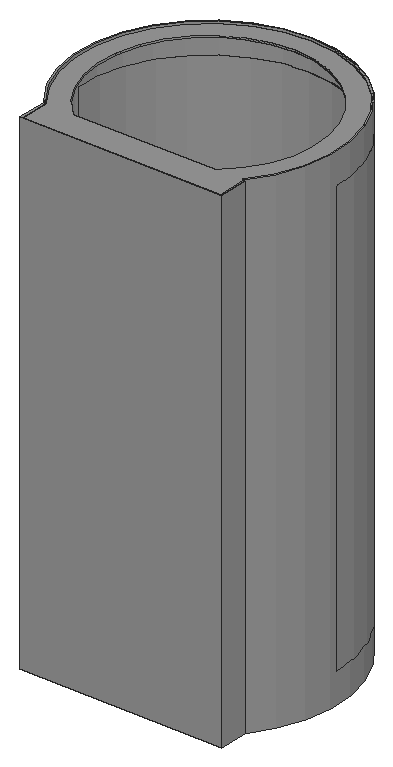
Revit family "3325 Bjørk_Waste bin", category Furniture Systems, host Wall, Revit 2018
Family settings
  Host = Wall
  Round Connector Dimension = Use Diameter
  Part Type = Normal
  Always vertical = Yes
  Cut with Voids When Loaded = No
  Shared = No
  Room Calculation Point = No
Parameters (values of type "BLACK")
  Karosseri = BLACK
  Front = BLACK
Reference planes
  plane 1 "Wall": y = 0
  plane 2 "Center (Left/Right)": x = 125
  plane 3 "Back": y = 75
Text (mm)
  text "Placement Side" at (-1848.837, 1116.779, 0), in view "Ref. Level"
  text "Placement side" at (0, 1409.804, 2854.306), in view "Left"
  text "Placement side" at (0, 499.811, 2980.732), in view "Right"
Dimensions and locks
  locked: plane 3 "Back" to host wall
  aligned and locked: plane 1 "Wall" to host wall
  aligned and locked: nested 1 to plane 3 "Back"
Nested families
  nested 1: "Master 3320 Waste bin" at (123.673, 75, 360) x (-1, 0, 0) z (0, 0, 1), type "Master 3320 Waste bin"
Definition of nested family "Master 3320 Waste bin"
  Parameters (values of type "Master 3320 Waste bin")
    Karosseri = none
    Front = none
  Reference planes
    plane 1 "Center (Front/Back)": y = 0
    plane 2: z = 0
    plane 3 "Center (Left/Right)": x = 0
  Forms (mm)
    Extrusion 1, solid, material <- "Karosseri"
      sketch origin (0, -111, 0) x (1, 0, 0) y (0, 1, 0)
        loop
          arc (-101.5, 81.227) -> (0, -130) -> (101.5, 81.227) r 130
          line (101.5, 81.227) -> (99.572, 81.227)
          arc (99.572, 81.227) -> (0, -128.5) -> (-99.572, 81.227) r 128.5
          line (-99.572, 81.227) -> (-101.5, 81.227)
      from 0 to 500
    Extrusion 2, solid, material <- "Karosseri"
      sketch origin (0, -111, 0) x (1, 0, 0) y (0, 1, 0)
        loop
          line (-101.5, 111) -> (-101.5, 81.227) -> (-99.572, 81.227) -> (-99.572, 109.5) -> (99.572, 109.5) -> (99.572, 81.227) -> (101.5, 81.227) -> (101.5, 111) -> (-101.5, 111)
      from 0 to 498
    Extrusion 3, solid, material <- "Karosseri"
      sketch origin (-149.841, -111, 498) x (0, -1, 0) y (-1, 0, 0)
        loop
          line (-81.227, -77.907) -> (-81.227, -221.775)
          arc (-81.227, -221.775) -> (108.5, -149.841) -> (-81.227, -77.907) r 108.5
        loop
          arc (-81.227, -249.413) -> (128.5, -149.841) -> (-81.227, -50.27) r 128.5
          line (-81.227, -50.27) -> (-109.5, -50.27) -> (-109.5, -249.413) -> (-81.227, -249.413)
      from 0 to 1.5
    Extrusion 4, solid, material <- "Karosseri"
      sketch origin (0, -111, 0) x (1, 0, 0) y (0, 1, 0)
        loop
          line (99.572, 109.5) -> (-99.572, 109.5) -> (-99.572, 81.227)
          arc (-99.572, 81.227) -> (0, -128.5) -> (99.572, 81.227) r 128.5
          line (99.572, 81.227) -> (99.572, 109.5)
      from 0 to 1.5
    Extrusion 5, void
      sketch origin (168.514, -111, 31) x (0, -1, 0) y (-1, 0, 0)
        loop
          spline (-4.107, 32.134) -> (30.905, 36.156) -> (63.683, 49.102) -> (91.994, 70.091) -> (113.907, 97.691) -> (127.931, 130.023) -> (133.108, 164.883) -> (129.086, 199.895) -> (116.14, 232.673) -> (95.152, 260.983) -> (67.551, 282.897) -> (35.219, 296.92) -> (0.359, 302.097)
          line (0.359, 302.097) -> (-4.107, 32.134)
      from 0 to -438
    Extrusion 6, solid, material <- "Front"
      sketch origin (0, -111, 0) x (1, 0, 0) y (0, 1, 0)
        loop
          arc (128.438, 3.975) -> (2.125, -128.482) -> (-128.5, -0.275) r 128.5
          line (-128.5, -0.275) -> (-129.997, 0.869)
          arc (-129.997, 0.869) -> (2.112, -129.983) -> (129.9, 5.092) r 130
          line (129.9, 5.092) -> (128.438, 3.975)
      from 31 to 469
  Cuts and joins
    Extrusion 5 cuts Extrusion 1
    Extrusion 5 cuts Extrusion 4
  Dimensions and locks
    aligned and locked: level to plane 2
    aligned and locked: Extrusion 6 to cut or joined group of Extrusion 1, Extrusion 5  (x4)
